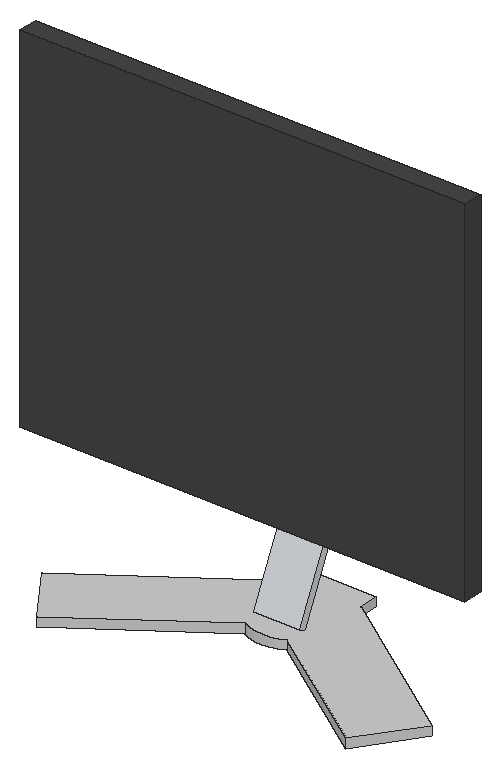
Revit family
Reference planes (in)
  plane 1 "Center (Front/Back)": y = 0
  plane 2: z = 0
  plane 3 "Center (Left/Right)": x = 0
Forms (in)
  Extrusion 1, solid, material "Base"
    sketch origin (0, 0, 0) x (1, 0, 0) y (0, 1, 0)
      loop
        line (1.28878, 1.63144) -> (1.28878, 2.40643) -> (-1.28878, 2.40643) -> (-1.28878, 1.63144) -> (-7.65511, -2.82631) -> (-6.07777, -5.07897) -> (-0.82427, -1.40043)
        arc (-0.82427, -1.40043) -> (0, -1.625) -> (0.82427, -1.40043) r 1.625
        line (0.82427, -1.40043) -> (6.07777, -5.07897) -> (7.65511, -2.82631) -> (1.28878, 1.63144)
    from 0 to 0.375
  Extrusion 2, solid, material "Trim"
    sketch origin (-2.27491, 7.03459, 0) x (1, 0, 0) y (0, 1, 0)
      loop
        line (-6.47509, -8.82593) -> (-6.47509, -9.57593) -> (11.02491, -9.57593) -> (11.02491, -8.82593) -> (-6.47509, -8.82593)
    from 5 to 19
  Extrusion 3, solid, material "Trim"
    sketch origin (-0.13956, 9.05455, 0) x (1, 0, 0) y (0, 1, 0)
      loop
        line (-6.47509, -9.59589) -> (-6.47509, -10.84589) -> (6.75421, -10.84589) -> (6.75421, -9.59589) -> (-6.47509, -9.59589)
    from 7.58143 to 16.53027
  Extrusion 4, solid
    sketch origin (0.84587, -8.44845, 7.60966) x (0, 0, -1) y (0, -1, 0)
      loop
        line (-5.89034, -9.96014) -> (-5.89034, -10.24954) -> (2.25073, -10.24954) -> (7.27408, -7.90712) -> (7.16842, -7.68054) -> (2.27981, -9.96014) -> (-5.89034, -9.96014)
    from 0 to 1.80801
  Extrusion 5, solid, material "Trim"
    sketch origin (0, 0, 0) x (0, 1, 0) y (0, 0, 1)
      loop
        line (1.51168, 13.5) -> (1.01168, 13.5) -> (1.01168, 13) -> (-0.54134, 13) -> (-0.54134, 11.5) -> (1.01168, 11.5) -> (1.01168, 6.90046) -> (1.51168, 6.90046) -> (1.51168, 13.5)
    from -0.96214 to 0.84587
Dimensions and locks (in)
  aligned: Extrusion 4 to Extrusion 5  (x2)
